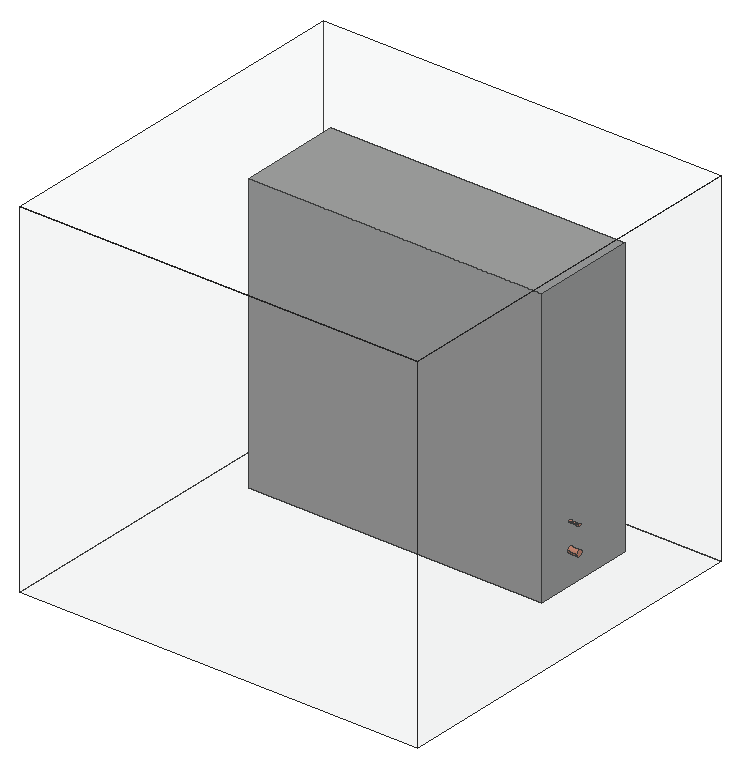
Revit family "Hitachi_RAC-EYHA_Outdoor_Unit_0718", category Mechanical Equipment, Revit 2015
Parameters (values of type "RAC-E80YHA")
  Weight (kg) = 52
  Unit Width = 850 mm
  Unit Height = 800 mm
  URL = "www.temperzone.biz"
  Top Clearance = 200 mm
  Sound Pressure Level (dbA) - Cool / Heat = "52 / 54"
  Right Clearance = 200 mm
  Refrigerant Type = "R32"  # constant formula
  Refrigerant Pipe Charge Length = "30m"  # constant formula
  Refrig Pipe Offset from Back = 201 mm
  Radius pipe Top LIQUID = 3.2 mm
  Radius Pipe Bottom GAS = 7.9 mm
  Power Suppy = "240 / 1"
  Pipe Length (min./max.) = "3m to 30m"
  Pipe Height (max.) = "20m"  # constant formula
  Pipe Connection Size - Liquid = "6.35 mm"
  Pipe Connection Size - Gas = "15.9 mm"
  Outdoor Operating Temp. (heating) C db = "24 to -15 C"  # constant formula
  Outdoor Operating Temp. (cooling) C db = "46 to -15 C"  # constant formula
  Model - Indoor = "RAS-E80YHA"
  Model = "RAC-E80YHA"
  Recommended External Protection = 20 A  # constant formula
  Material = "Hitachi - Outdoor Unit"
  Manufacturer = "Temperzone / Hitachi"
  Left Clearance = 100 mm
  Interconnecting Wires = "3 + E, 1.5 mm"
  Height Refrig Pipe (Bottom - GAS) = 96 mm
  Height Refig Pipe (Top LIQUID) = 169.5 mm
  Heating Range = "1.5 - 9.5 kW"
  Heating Capacity = 9000 W
  Front Clearance = 700 mm
  Unit Depth = 298 mm
  EER Cooling = 3.33
  Description = "Hitachi Outdoor Unit RAC-E80YHA"
  Cooling Range = "1.5 - 8.5 kW"
  Cooling Capacity = 8000 W
  Clearance = Default
  COP Heating = 3.8
  Back Clearance = 100 mm
  Airflow - Hi = 300.0 L/s
Types (5, lengths in mm): name | Weight (kg) | Unit Height | Sound Pressure Level (dbA) - Cool / Heat | Refrig Pipe Offset from Back | Radius Pipe Bottom GAS | Pipe Connection Size - Gas | Model - Indoor | Model | Height Refrig Pipe (Bottom - GAS) | Height Refig Pipe (Top LIQUID) | Heating Range | Heating Capacity | EER Cooling | Description | Cooling Range | Cooling Capacity | COP Heating | Airflow - Hi
  (no name) | 52 | 800 | "52 / 54" | 201 | 7.9 | "15.9 mm" | "RAS-E80YHA" | "RAC-E80YHA" | 96 | 169.5 | "1.5 - 9.5 kW" | 9000 W | 3.33 | "Hitachi Outdoor Unit RAC-E80YHA" | "1.5 - 8.5 kW" | 8000 W | 3.8 | 300.0 L/s
  RAC-E50YHA | 50 | 750 | "50 / 53" | 201 | 6.4 | "12.7 mm" | "RAS-E50YHA" | "RAC-E50YHA" | 96 | 169.5 | "1.2 - 6.8 kW" | 6000 W | 3.52 | "Hitachi Outdoor Unit RAC-E50YHA" | "1.2 - 5.8 kW" | 5000 W | 4.06 | 221.0 L/s
  RAC-E60YHA | 50 | 750 | "50 / 53" | 191 | 6.4 | "12.7 mm" | "RAS-E60YHA" | "RAC-E60YHA" | 107.5 | 159.5 | "1.2 - 8.0 kW" | 7000 W | 3.41 | "Hitachi Outdoor Unit RAC-E60YHA" | "1.2 - 7.5 kW" | 6000 W | 3.82 | 221.0 L/s
  RAC-E70YHA | 52 | 800 | "51 / 53" | 201 | 7.9 | "15.9 mm" | "RAS-E70YHA" | "RAC-E70YHA" | 96 | 169.5 | "1.5 - 8.5 kW" | 8000 W | 3.48 | "Hitachi Outdoor Unit RAC-E70YHA" | "1.5 - 8.0 kW" | 7000 W | 4.05 | 300.0 L/s
  RAC-E80YHA | 52 | 800 | "52 / 54" | 201 | 7.9 | "15.9 mm" | "RAS-E80YHA" | "RAC-E80YHA" | 96 | 169.5 | "1.5 - 9.5 kW" | 9000 W | 3.33 | "Hitachi Outdoor Unit RAC-E80YHA" | "1.5 - 8.5 kW" | 8000 W | 3.8 | 300.0 L/s
Reference planes
  plane 1 "Center (Front/Back)": y = 0
  plane 2: z = 0
  plane 3 "Center (Left/Right)": x = 0
  plane 4 "Front": y = -298
  plane 5 "Back Clearance": y = 100
  plane 6 "Right": x = 425
  plane 7 "Left": x = -425
  plane 8 "Front Clearance": y = -998
  plane 9 "Right Clearance": x = 625
  plane 10 "left Clearance": x = -525
  plane 11 "Top": z = 800
  plane 12 "Top Clearance": z = 1000
  plane 13 "Refrig Lines": y = -201
  plane 14: z = 169.5
  plane 15: z = 96
  plane 16 "Circle Centre horizontal": z = 400
  plane 17 "Circle centre vertical": x = -125
  plane 18: x = 175
  plane 19: x = 375
  plane 20: z = 649.5
  plane 21: z = 150.5
Forms (mm)
  Extrusion 1, solid, material "Steel, Paint Finish, Ivory, Matte"
    sketch origin (0, 0, 0) x (1, 0, 0) y (0, 1, 0)
      loop
        line (-425, 0) -> (-425, -298) -> (425, -298) -> (425, 0) -> (-425, 0)
    from 0 to 800
  Extrusion 2, solid, material "Clearance Zone"
    sketch origin (0, 0, 0) x (1, 0, 0) y (0, 1, 0)
      loop
        line (-525, 100) -> (-525, -998) -> (625, -998) -> (625, 100) -> (-525, 100)
    from 0 to 1000
  Extrusion 3, solid, material "Copper"
    sketch origin (425, 0, 0) x (0, -1, 0) y (0, 0, -1)
      loop
        circle (201, -169.5) r 3.2
    from 0 to 30
  Extrusion 4, solid, material "Copper"
    sketch origin (425, 0, 0) x (0, -1, 0) y (0, 0, -1)
      loop
        circle (201, -96) r 7.9
    from 0 to 30
Lines and regions (mm)
  model lines
    curve 1: circle (-125, -298, 400) r 250 normal (0, 1, 0)
    curve 2: line (175, -298, 649.5) -> (375, -298, 649.5)
    curve 3: line (175, -298, 150.5) -> (175, -298, 649.5)
    curve 4: line (375, -298, 150.5) -> (175, -298, 150.5)
    curve 5: line (375, -298, 649.5) -> (375, -298, 150.5)
Dimensions and locks
  equal spacing: plane 7 "Left", plane 3 "Center (Left/Right)", plane 6 "Right"
  "Unit Width": plane 7 "Left" to plane 6 "Right"
  "Unit Depth": plane 4 "Front" to plane 1 "Center (Front/Back)"
  "Back Clearance": plane 1 "Center (Front/Back)" to plane 5 "Back Clearance"
  "Unit Height": plane 11 "Top" to plane 2
  "Top Clearance": plane 12 "Top Clearance" to plane 11 "Top"
  "Left Clearance": plane 10 "left Clearance" to plane 7 "Left"
  "Right Clearance": plane 6 "Right" to plane 9 "Right Clearance"
  "Front Clearance": plane 4 "Front" to plane 8 "Front Clearance"
  "Refrig Pipe Offset from Back": plane 13 "Refrig Lines" to plane 1 "Center (Front/Back)"
  "Height Refrig Pipe (Bottom - GAS)": plane 15 to level
  "Height Refig Pipe (Top LIQUID)": plane 14 to level
  locked: plane 7 "Left" to plane 17 "Circle centre vertical" at 300
  equal spacing: plane 11 "Top", plane 16 "Circle Centre horizontal", level
  locked: plane 18 to plane 17 "Circle centre vertical" at 300
  locked: plane 19 to plane 6 "Right" at 50
  equal spacing: plane 20, plane 16 "Circle Centre horizontal", plane 21
  locked: plane 20 to plane 21 at 499
  "Radius pipe Top LIQUID": radius of Extrusion 3 sketch curve
  "Radius Pipe Bottom GAS": radius of Extrusion 4 sketch curve
  aligned and locked: level to plane 2
  aligned and locked: plane 1 "Center (Front/Back)" to Extrusion 1 sketch curve
  aligned and locked: Extrusion 1 sketch curve to plane 7 "Left"
  aligned and locked: plane 4 "Front" to Extrusion 1 sketch curve
  aligned and locked: Extrusion 1 sketch curve to plane 6 "Right"
  aligned and locked: plane 11 "Top" to Extrusion 1
  aligned and locked: Extrusion 1 to plane 2
  aligned and locked: Extrusion 2 sketch curve to plane 5 "Back Clearance"
  aligned and locked: plane 10 "left Clearance" to Extrusion 2 sketch curve
  aligned and locked: plane 8 "Front Clearance" to Extrusion 2 sketch curve
  aligned and locked: Extrusion 2 sketch curve to plane 9 "Right Clearance"
  aligned and locked: plane 12 "Top Clearance" to Extrusion 2
  aligned and locked: Extrusion 2 to plane 2
  aligned and locked: plane 20 to curve 2
  aligned and locked: curve 3 to plane 18
  aligned and locked: curve 4 to plane 21
  aligned and locked: curve 5 to plane 19
Automatic sketch dimensions
  curve 1 to plane 16 "Circle Centre horizontal" = 0 mm
  curve 1 to plane 17 "Circle centre vertical" = 0 mm
  Extrusion 3 sketch curve to plane 13 "Refrig Lines" = 0 mm
  Extrusion 3 sketch curve to plane 14 = 0 mm
  Extrusion 4 sketch curve to plane 13 "Refrig Lines" = 0 mm
  Extrusion 4 sketch curve to plane 15 = 0 mm
  radius of curve 1 = 250 mm
Connectors
  piping at (455, -201, 169.5), diameter 6.4, driven by "Radius pipe Top LIQUID"
    settings: on Extrusion 3, index 1, connector inside diameter 6.4 mm, connector length 0 mm, flow factor 0, pipe flow 0.0 L/s, pressure drop 0.0 Pa, fitting loss kfactor 0, connector angle 0.00°, fixture units 0, engagement length 0 mm, angle of deflection 0.00°, flow configuration 2, flow direction 0, fitting loss method 0, system type 22, joint type 0, gender type 0, connector reference index -1, connector utility 0, adjustable connector no, is connector primary yes, connector description "Liquid Line (top)"
  piping at (455, -201, 96), diameter 15.8, driven by "Radius Pipe Bottom GAS"
    settings: on Extrusion 4, index 2, connector inside diameter 15.8 mm, connector length 0 mm, flow factor 0, pipe flow 0.0 L/s, pressure drop 0.0 Pa, fitting loss kfactor 0, connector angle 0.00°, fixture units 0, engagement length 0 mm, angle of deflection 0.00°, flow configuration 0, flow direction 0, fitting loss method 4, system type 22, joint type 0, gender type 0, connector reference index -1, connector utility 0, adjustable connector no, is connector primary no, connector description "Gas Line (Bottom)"
